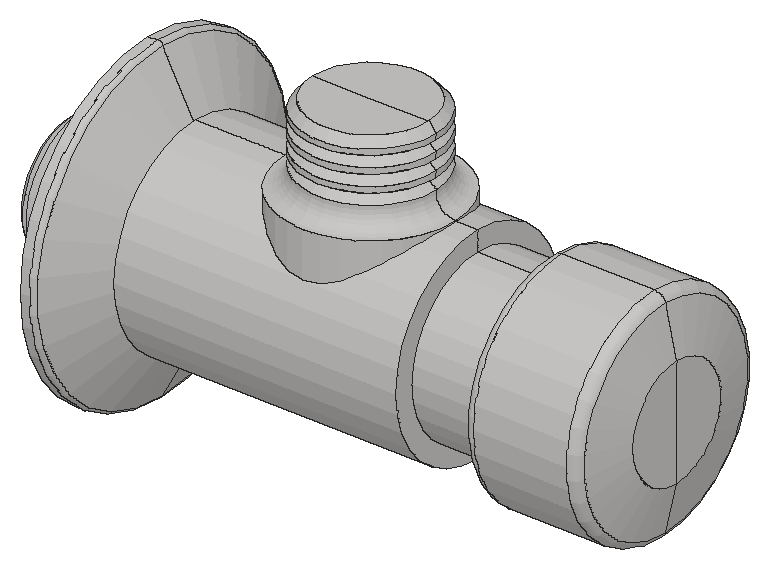
Revit family "auto-给水-八字阀", category Plumbing Fixtures, Revit 2020
Family settings
  Round Connector Dimension = Use Radius
  Part Type = Normal
  Work Plane-Based = No
  Always vertical = Yes
  Cut with Voids When Loaded = No
  Shared = No
  Room Calculation Point = No
Parameters (values of type "20mm")
  Youtube clip = ""
  Weight Net (Kg) = ""
  WarrantyDurationUnit = "10 years"
  WarrantyDescription = "Any manufacturing defect"
  Version = "v1"
  Uniformat II Description = ""
  Uniformat II Code = ""
  Uniclass 2015 Name = "Sanitary fittings and accessories"
  Uniclass 2015 Code = "Pr_40_20"
  Uniclass 2.0 Description = ""
  Uniclass 2.0 Code = ""
  Uniclass 1.4 Description = ""
  Uniclass 1.4 Code = ""
  URL = "http://www.delabie.com"
  UNSPSC Code = "301815"
  Type Comments = "Exposed time flow valve"
  Technical description = "http://www.delabie.com/products/778000"
  SerialNumber = "3456330009706"
  Region South America = "AR, BO, BR, CL, CO, EC, FK, GF, GY, PE, PY, SR, UY, VE"
  Region Oceania = "AU, FJ, NC, NZ, PG, SB, TL, VU"
  Region North America = "BS, BZ, CA, CR, CU, DO, GL, GT, HN, HT, JM, MX, NI, PA, PR, SV, TT, US"
  Region Middle East = "AE, AF, EG, IL, IQ, IR, JO, KW, LB, OM, PS, QA, SA, SY, TR, YE"
  Region Europe = "AL, AT, BA, BE, BG, BY, CH, CY, CZ, DE, DK, EE, ES, FI, FR, GB, GR, HR, HU, IE, IS, IT, LT, LU, LV, MD, ME, MK, NL, NO, PL, PT, RO, RS, RU, SE, SI, SJ, SK, UA"
  Region Asia = "AM, AZ, BD, BN, BT, CN, GE, ID, IN, JP, KG, KH, KP, KR, KZ, LA, LK, MM, MN, MY, NP, PH, PK, TH, TJ, TM, TW, UZ, VN"
  Region Antarctica = "TF"
  Region Africa = "AO, BF, BI, BJ, BW, CD, CF, CG, CI, CM, DJ, DZ, EH, ER, ET, GA, GH, GM, GN, GQ, GW, KE, LR, LS, LY, MA, MG, ML, MR, MW, MZ, NA, NE, NG, RW, SD, SL, SN, SO, SS, SZ, TD, TG, TN, TZ, UG, ZA, ZM, ZW"
  Radius = 10 mm
  QR code = "http://bimobject.com/delabie/product/778000"
  ProductInformation = "http://www.delabie.com/products/778000"
  Product url = "http://www.delabie.com/products/778000"
  Product group = "Urinal valve"
  Product family = "Sanitary"
  Product data url = "https://bimobject.com/delabie/product/778000"
  Product certification = "http://www.delabie.com/products/778000"
  Product SKU = "778000"
  Product Guid = "067b6904-62de-4aa2-9ca1-2c2be94a5140"
  Operation = "Time flow valve"
  OmniClass Description = "Water Flush Urinals"
  OmniClass Code = "23-31 21 13"
  Nominal width = 0 mm
  Nominal height = 0 mm
  Name = "TEMPOSTOP"
  NBS Reference Description = ""
  NBS Reference Code = ""
  ModelNumber = "778000"
  Model = "TEMPOSTOP"
  Material secondary = ""
  Material main = "Brass"
  Material = Solid brass
  Masterformat 2014 Description = ""
  Masterformat 2014 Code = ""
  ManufacturerURL = "http://www.delabie.com"
  ManufacturerName = "DELABIE"
  Manufacturer name = ""
  Manufacturer country = "France"
  Manufacturer = "DELABIE"
  IntegralAccessoryOptions = "Neck tube, floor trap, siphon"
  Installation instructions = "http://www.delabie.com/products/778000"
  IFC Classification = "Sanitary Terminal"
  Grade = "VA APPROVAL"
  FlowRate lps = "0.15 l/s"
  FlowRate lpm = "9 l/min at 3 bar"
  Finish = Chrome-plated
  Features  = "Exposed time flow urinal valve:\r\nFor standard, siphon action, or stall urinals.\r\nTime flow ~3 sec.\r\nFlow rate pre-set at 0.15 l/sec., can be adjusted.\r\nChrome-plated solid brass body M½\".\r\nWall plate.\r\nAngled for recessed inlet."
  Edition number = 1
  EAN code = "https://3456330009706"
  Design country = "France"
  Description = "French manufacturer Delabie is a leader in the European sanitary ware market for non-domestic places. Water controls, solutions for disabled people, sanitary ware, for schools, leisure centres, offices, hospitals, airports…"
  Default Elevation = 0 mm
  Date of publishing = "4/20/2017"
  Category = "Urinal valve"
  COBIe Type Category = ""
  Brand url = "http://www.delabie.co.uk"
  BIMobject category = "Taps & Mixers"
  Assembly Code = ""
Types (3, lengths in mm): name | Radius
  20mm | 10
  15mm | 7.5
  上水-角阀 | 10.3
Reference planes
  plane 1 "Center (Front/Back)": y = 0
  plane 2: z = 0
  plane 3 "Center (Left/Right)": x = 0
Forms (mm)
  Revolve 1, solid, material "Laiton massif chromé"
    sketch origin (41.523, 0, -24.732) x (1, 0, 0) y (0, 0, 1)
      loop
        line (-54.023, 24.732) -> (-54.023, 15.682) -> (-53.257, 14.916) -> (-52.847, 15.796) -> (-52.036, 14.058) -> (-51.033, 15.664) -> (-50.281, 14.051) -> (-49.236, 15.724) -> (-48.387, 13.905) -> (-47.452, 15.664) -> (-46.7, 14.051) -> (-45.655, 15.724) -> (-44.806, 13.905) -> (-43.839, 15.724) -> (-42.991, 13.905) -> (-42.055, 15.665) -> (-41.523, 14.522) -> (-41.523, -0.268) -> (-40.114, -0.268)
        arc (-40.114, -0.268) -> (-39.605, -0.128) -> (-39.238, 0.25) r 1.006
        line (-39.238, 0.25) -> (-34.055, 9.6) -> (-34.055, 8.732) -> (9.977, 8.732) -> (9.977, 11.732) -> (21.577, 11.732) -> (21.577, 8.984)
        arc (21.577, 8.984) -> (22.017, 7.924) -> (23.077, 7.485) r 1.5
        line (23.077, 7.485) -> (37.553, 7.485)
        arc (37.553, 7.485) -> (38.646, 7.81) -> (39.383, 8.679) r 2
        line (39.383, 8.679) -> (41.077, 16.168) -> (41.077, 24.732) -> (-54.023, 24.732)
      axis (41.077, 24.732) -> (-54.023, 24.732)
    angle from 0 to 360
  Revolve 2, solid, material "Laiton massif chromé"
    sketch origin (41.523, 0, -24.732) x (1, 0, 0) y (0, 0, 1)
      loop
        line (-6.777, 53.232) -> (-6.777, 28.818) -> (6.473, 28.818) -> (6.473, 40.732)
        arc (6.473, 40.732) -> (4.257, 41.71) -> (3.486, 44.007) r 3
        line (3.486, 44.007) -> (2.369, 45.124) -> (3.466, 45.783) -> (3.466, 46.667) -> (2.369, 47.764) -> (3.466, 48.423) -> (3.466, 49.307) -> (2.369, 50.404) -> (3.466, 51.063) -> (3.466, 51.9) -> (2.267, 53.232) -> (-6.777, 53.232)
      axis (-6.777, 53.232) -> (-6.777, 28.818)
    angle from 0 to 360
Connectors
  piping at (0, 0, 0), diameter 20, driven by "Radius"
    settings: on Revolve 1, index 2, connector inside diameter 20.6 mm, connector length 0 mm, flow factor 0, pipe flow 0.0 L/s, pressure drop 0.0 Pa, fitting loss kfactor 0, connector angle 0.00°, fixture units 0, engagement length 0 mm, angle of deflection 0.00°, flow configuration 0, flow direction 1, fitting loss method 0, system type 20, joint type 0, gender type 0, connector reference index -1, connector utility 0, adjustable connector no, is connector primary yes, connector description "In -Cold water"
  piping at (34.746, 0, 28.5), diameter 15
    settings: on Revolve 2, index 3, connector inside diameter 609.6 mm, connector length 0 mm, flow factor 0, pipe flow 0.0 L/s, pressure drop 0.0 Pa, fitting loss kfactor 0, connector angle 0.00°, fixture units 0, engagement length 0 mm, angle of deflection 0.00°, flow configuration 0, flow direction 0, fitting loss method 0, system type 20, joint type 0, gender type 0, connector reference index -1, connector utility 0, adjustable connector no, is connector primary no, connector description ""
